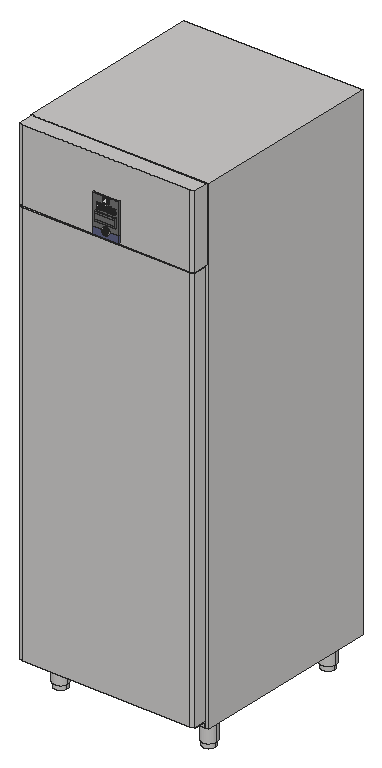
Revit family "QF_ELECTROLUXPROFESSIONAL_725234_REX71FF60MH", category Specialty Equipment, Revit 2018
Family settings
  Round Connector Dimension = Use Diameter
  Part Type = Normal
  Work Plane-Based = No
  Always vertical = Yes
  Cut with Voids When Loaded = No
  Shared = No
  Room Calculation Point = No
Parameters (values of type "Standard")
  Weight = 106.00 kg
  Watts = 0 W
  Volts = 220 V
  URL Manufacturer = "http://professional.electrolux.com"
  URL = "http://professional.electrolux.com"
  Steam Supply Size = 0 mm
  Steam Supply Minimum Pressure = 0.0 Pa
  Steam Supply Maximum Pressure = 0.0 Pa
  Steam Pounds per Hour = 0
  Refrigeration Suction Line Size = 0 mm
  Refrigeration Liquid Line Size = 0 mm
  Refrigerant Compressor Remote = yes
  Manufacturer = "Electrolux Professional"
  Phase = 1
  Model = "REX71FF60MH"
  Length Actual = 710 mm  # constant formula
  Item Number = "725234"
  Hot Water Size = 0 mm
  Height Actual = 2050 mm  # constant formula
  HP = "0.8 HP"
  Gas Size = 0 mm
  Gas KW = 0
  Gas Input Pressure = 0 W
  Direct Waste Size = 0 mm
  Description = "1-DOOR FREEZER 670L -22/-15°C DIG. A304 - R290 - MARINE 60HZ"
  Depth Actual = 835 mm  # constant formula
  Cycle = 60 Hz
  Condensate Return Size = 0 mm
  Compressed Air Volume = 0.0 L/s
  Compressed Air Size = 0 mm
  Compressed Air Pressure = 0.0 Pa
  Cold Water Size = 0 mm
  Accessory = yes
Reference planes
  plane 1 "Center (Front/Back)": y = 0
  plane 2: z = 0
  plane 3 "Center (Left/Right)": x = 0
  plane 4 "BASE": z = 110
  plane 5 "TOP": z = 2050
  plane 6 "FRONT": y = -417.5
  plane 7 "BACK": y = 417.5
  plane 8 "LEFT": x = -355
  plane 9 "RIGHT": x = 355
Forms (mm)
  Extrusion 1, solid, material "QF_Finishes_Stainless Steel"
    sketch origin (0, 0, 0) x (1, 0, 0) y (0, 1, 0)
      loop
        circle (-278, 344.5) r 25
      loop
        circle (278, 344.5) r 25
      loop
        circle (-295, -269.5) r 25
      loop
        circle (295, -269.5) r 25
    from 0 to 20
  Extrusion 2, solid, material "QF_Finishes_Stainless Steel"
    sketch origin (0, 0, 0) x (1, 0, 0) y (0, 1, 0)
      loop
        circle (-278, 344.5) r 30
      loop
        circle (278, 344.5) r 30
      loop
        circle (295, -269.5) r 30
      loop
        circle (-295, -269.5) r 30
    from 20 to 110
  Extrusion 3, solid, material "QF_Finishes_Stainless Steel"
    sketch origin (0, 0, 110) x (-1, 0, 0) y (0, -1, 0)
      loop
        line (355, -417.5) -> (355, 345.5) -> (-355, 345.5) -> (-355, -417.5) -> (355, -417.5)
    from 0 to 1940
  Extrusion 4, solid
    sketch origin (0, 417.5, 1660) x (-1, 0, 0) y (0, 0, 1)
      loop
        circle (339, 124) r 10
    from 0 to 3.2
  Extrusion 5, solid, material "QF_Door-Drawer Clearances", detail levels coarse
    sketch origin (0, 0, 110) x (-1, 0, 0) y (0, -1, 0)
      loop
        line (-345, 409.5) -> (-283, 409.5) -> (-283, 1006.5) -> (-301, 1006.5) -> (-301, 1024.5) -> (-323, 1024.5) -> (-323, 1062.5) -> (-345, 1062.5) -> (-345, 409.5)
    from 1642.965 to 28
  Extrusion 6, solid, material "QF_Door-Drawer Clearances", detail levels coarse
    sketch origin (0, 0, 110) x (-1, 0, 0) y (0, -1, 0)
      loop
        line (-283, 409.5) -> (347, 409.5)
        arc (347, 409.5) -> (150.684, 878.295) -> (-323, 1062.5) r 650
        line (-323, 1062.5) -> (-323, 1024.5) -> (-301, 1024.5) -> (-301, 1006.5) -> (-283, 1006.5) -> (-283, 409.5)
    from 1642.965 to 28
  Extrusion 7, solid, material "QF_Clearances", detail levels coarse
    sketch origin (0, 0, 110) x (-1, 0, 0) y (0, -1, 0)
      loop
        line (355, 417.5) -> (355, -417.5) -> (-355, -417.5) -> (-355, 417.5) -> (-385, 417.5) -> (-385, -447.5) -> (385, -447.5) -> (385, 417.5) -> (355, 417.5)
    from -110 to 1940
  Extrusion 8, solid, material "QF_Clearances", detail levels coarse
    sketch origin (0, 0, 2050) x (-1, 0, 0) y (0, -1, 0)
      loop
        line (385, -447.5) -> (385, 417.5) -> (-385, 417.5) -> (-385, -447.5) -> (385, -447.5)
    from 0 to 500
  Extrusion 9, void
    sketch origin (0, 417.5, 0) x (-1, 0, 0) y (0, 0, 1)
      loop
        line (280, 1724.965) -> (-280, 1724.965) -> (-280, 180) -> (0, 170) -> (280, 179.676) -> (280, 1724.965)
    from -56 to -763
Cuts and joins
  joined: Extrusion 7, Extrusion 8
  Extrusion 9 cuts Extrusion 3
Lines and regions (mm)
  symbolic lines, style "SpecialityEquipmentHiddenLines"
    curve 1: line (345, -409.5, 110) -> (345, -1062.5, 110)
    curve 2: line (345, -1062.5, 110) -> (323, -1062.5, 110)
    curve 3: line (283, -409.5, 110) -> (283, -1006.5, 110)
    curve 4: line (323, -1062.5, 110) -> (323, -1024.5, 110)
    curve 5: line (323, -1024.5, 110) -> (301, -1024.5, 110)
    curve 6: line (301, -1024.5, 110) -> (301, -1006.5, 110)
    curve 7: line (301, -1006.5, 110) -> (283, -1006.5, 110)
    curve 8: arc (-347, -409.5, 110) -> (-150.684, -878.295, 110) -> (323, -1062.5, 110) r 650
  symbolic lines, style "QF_Clearances", detail levels coarse
    curve 9: line (-355, -417.5, 2050) -> (-385, -417.5, 2050)
    curve 10: line (-385, -417.5, 2050) -> (-385, 447.5, 2050)
    curve 11: line (-385, 447.5, 2050) -> (385, 447.5, 2050)
    curve 12: line (385, 447.5, 2050) -> (385, -417.5, 2050)
    curve 13: line (385, -417.5, 2050) -> (355, -417.5, 2050)
  symbolic lines
    curve 14: line (355, 417.5, 2050) -> (-355, 417.5, 2050)
    curve 15: line (355, -345.5, 2050) -> (355, 417.5, 2050)
    curve 16: line (-355, -345.5, 2050) -> (355, -345.5, 2050)
    curve 17: line (-355, 417.5, 2050) -> (-355, -345.5, 2050)
Dimensions and locks
  equal spacing: plane 7 "BACK", plane 1 "Center (Front/Back)", plane 6 "FRONT"
  equal spacing: plane 8 "LEFT", plane 3 "Center (Left/Right)", plane 9 "RIGHT"
  plane 8 "LEFT" to plane 9 "RIGHT" = 710 mm
  plane 7 "BACK" to plane 6 "FRONT" = 835 mm
  plane 5 "TOP" to plane 2 = 2050 mm
  aligned and locked: level to plane 2
Automatic sketch dimensions
  Extrusion 3 sketch curve to plane 7 "BACK" = 0 mm
  Extrusion 3 sketch curve to plane 9 "RIGHT" = 0 mm
  Extrusion 3 sketch curve to plane 8 "LEFT" = 0 mm
  plane 8 "LEFT" to Extrusion 4 sketch curve = 16 mm
  plane 4 "BASE" to Extrusion 4 sketch curve = 1674 mm
  plane 9 "RIGHT" to curve 1 = 10 mm
  curve 1 to curve 2 = 22 mm
  plane 6 "FRONT" to curve 8 = 4.692 mm
  curve 7 to plane 6 "FRONT" = 589 mm
  curve 6 to curve 5 = 18 mm
  curve 4 to curve 2 = 38 mm
  plane 6 "FRONT" to curve 8 = 8 mm
  plane 6 "FRONT" to curve 1 = 8 mm
  plane 6 "FRONT" to curve 3 = 8 mm
  plane 9 "RIGHT" to Extrusion 5 sketch curve = 10 mm
  Extrusion 5 sketch curve to plane 6 "FRONT" = 589 mm
  Extrusion 5 sketch curve to Extrusion 5 sketch curve = 18 mm
  Extrusion 5 sketch curve to Extrusion 5 sketch curve = 38 mm
  plane 6 "FRONT" to Extrusion 5 sketch curve = 8 mm
  plane 6 "FRONT" to Extrusion 6 sketch curve = 4.692 mm
  Extrusion 6 sketch curve to Extrusion 6 sketch curve = 18 mm  (x2)
  Extrusion 6 sketch curve to Extrusion 6 sketch curve = 38 mm
  plane 8 "LEFT" to Extrusion 6 sketch curve = 8 mm
  plane 6 "FRONT" to Extrusion 6 sketch curve = 8 mm
  Extrusion 7 sketch curve to plane 6 "FRONT" = 0 mm  (x2)
  Extrusion 7 sketch curve to plane 7 "BACK" = 0 mm
  Extrusion 7 sketch curve to plane 9 "RIGHT" = 0 mm
  Extrusion 7 sketch curve to plane 8 "LEFT" = 0 mm
  Extrusion 7 sketch curve to plane 9 "RIGHT" = 30 mm
  Extrusion 7 sketch curve to plane 8 "LEFT" = 30 mm
  plane 7 "BACK" to Extrusion 7 sketch curve = 30 mm
  Extrusion 8 sketch curve to plane 6 "FRONT" = 0 mm
  Extrusion 8 sketch curve to plane 9 "RIGHT" = 30 mm
  Extrusion 8 sketch curve to plane 8 "LEFT" = 30 mm
  plane 7 "BACK" to Extrusion 8 sketch curve = 30 mm
  plane 8 "LEFT" to Extrusion 1 sketch curve = 60 mm
  plane 8 "LEFT" to Extrusion 1 sketch curve = 77 mm
  plane 9 "RIGHT" to Extrusion 1 sketch curve = 77 mm
  plane 9 "RIGHT" to Extrusion 1 sketch curve = 60 mm
  plane 6 "FRONT" to Extrusion 1 sketch curve = 148 mm  (x2)
  Extrusion 1 sketch curve to plane 7 "BACK" = 73 mm  (x2)
  plane 8 "LEFT" to Extrusion 2 sketch curve = 60 mm
  plane 8 "LEFT" to Extrusion 2 sketch curve = 77 mm
  plane 9 "RIGHT" to Extrusion 2 sketch curve = 77 mm
  plane 9 "RIGHT" to Extrusion 2 sketch curve = 60 mm
  plane 6 "FRONT" to Extrusion 2 sketch curve = 148 mm  (x2)
  Extrusion 2 sketch curve to plane 7 "BACK" = 73 mm  (x2)
  plane 6 "FRONT" to Extrusion 3 sketch curve = 72 mm
  curve 1 to curve 8 = 42.008 mm
  curve 4 to curve 5 = 22 mm
  curve 6 to curve 3 = 18 mm
  plane 9 "RIGHT" to Extrusion 5 sketch curve = 32 mm
  Extrusion 5 sketch curve to Extrusion 5 sketch curve = 22 mm
  Extrusion 5 sketch curve to Extrusion 5 sketch curve = 62 mm
  plane 9 "RIGHT" to Extrusion 6 sketch curve = 72 mm
  Extrusion 6 sketch curve to Extrusion 6 sketch curve = 19.992 mm
  Extrusion 6 sketch curve to Extrusion 6 sketch curve = 22 mm
  Extrusion 9 sketch curve to plane 3 "Center (Left/Right)" = 0 mm
  plane 8 "LEFT" to Extrusion 9 sketch curve = 75 mm
  plane 4 "BASE" to Extrusion 9 sketch curve = 60 mm
  plane 4 "BASE" to Extrusion 9 sketch curve = 69.676 mm
  Extrusion 9 sketch curve to plane 5 "TOP" = 325.035 mm
  plane 9 "RIGHT" to Extrusion 9 sketch curve = 75 mm
  Extrusion 9 sketch curve to Extrusion 9 sketch curve = 0.324 mm
  curve 12 to plane 6 "FRONT" = 0 mm
  curve 15 to plane 7 "BACK" = 0 mm
  curve 15 to plane 9 "RIGHT" = 0 mm
  curve 13 to plane 9 "RIGHT" = 0 mm
  curve 17 to plane 8 "LEFT" = 0 mm
  curve 9 to plane 6 "FRONT" = 0 mm
  curve 9 to plane 8 "LEFT" = 0 mm
  curve 12 to plane 9 "RIGHT" = 30 mm
  curve 9 to curve 10 = 30 mm
  plane 7 "BACK" to curve 12 = 30 mm
  plane 6 "FRONT" to curve 15 = 72 mm
  radius of Extrusion 1 sketch curve = 25 mm  (x4)
  radius of Extrusion 2 sketch curve = 30 mm  (x4)
  radius of Extrusion 4 sketch curve = 10 mm
Nested families
  nested 1: "QF_725234_Door" at (0, -345.5, 968.365) x (1, 0, 0) z (0, -1, 0), type "QF_725234_Door"
    with Show Clearance yes
  nested 2: "Freezer" at (355, -417.5, 2050), type "Freezer"
Connectors
  electrical at (-339, 420.7, 1784), driven by "Volts"
    settings: on Extrusion 4, index 2, voltage 220 V, apparent load 0 VA, apparent load phase1 0 VA, apparent load phase2 0 VA, apparent load phase3 0 VA, power factor 1, load classification "Other", number of poles 1, system type 30, power factor state 1, is connector primary yes, connector utility no, sub classification motor no, connector description "Electrical Connection"
Definition of nested family "QF_725234_Door"
  Parameters
    Show Clearance [instance] = yes
    Model = "725226"
    Default Elevation = 0 mm
  Reference planes
    plane 1 "Center (Front/Back)": y = 0
    plane 2: z = 0
    plane 3 "Center (Left/Right)": x = 0
  Forms (mm)
    Extrusion 1, solid
      sketch origin (0, -919.2, 0) x (1, 0, 0) y (0, 1, 0)
        loop
          line (-460, 2119.2) -> (-460, -162.846) -> (488.967, -162.846) -> (488.967, 2119.2) -> (-460, 2119.2)
      from 0 to -59.546
    Extrusion 2, solid
      sketch origin (0, 0, 0) x (1, 0, 0) y (0, 0, 1)
        loop
          line (-347, 60) -> (-347, 0) -> (347, 0) -> (347, 60) -> (332, 64) -> (-332, 64) -> (-347, 60)
      from -1081.6 to -791.6
    Extrusion 3, solid
      sketch origin (0, 0, 0) x (1, 0, 0) y (0, 0, 1)
        loop
          line (-347, 60) -> (-347, 26) -> (-325, 26) -> (-325, 8) -> (-307, 8) -> (-307, 0) -> (339, 0) -> (339, 8) -> (347, 8) -> (347, 60) -> (332, 64) -> (-332, 64) -> (-347, 60)
      from -784.6 to 830.4
    Extrusion 4, solid
      sketch origin (119, -516.365, 0) x (0, 1, 0) y (0, 0, 1)
        loop
          line (-323.003, 40.312) -> (-316.501, 40.312) -> (-316.501, 42.812) -> (-325.503, 42.812) -> (-325.503, 2.5) -> (-342, 2.5) -> (-342, 0) -> (-323.003, 0) -> (-323.003, 12.259) -> (-323.003, 40.312)
        loop
          line (-314, 38.311) -> (-316.501, 38.311) -> (-316.501, 14.304) -> (-319.752, 14.304) -> (-319.752, 11.804) -> (-314, 11.804) -> (-314, 38.311)
      from 185 to 220
    Extrusion 5, solid
      sketch origin (119, 469.597, 0) x (0, 1, 0) y (0, 0, 1)
        loop
          line (315.003, 27.948) -> (315.003, 2.948) -> (315.003, 0) -> (322.003, 0) -> (322.003, 2.5) -> (317.503, 2.5) -> (317.503, 27.948) -> (315.003, 27.948)
      from 185 to 220
  Lines and regions (mm)
    symbolic lines
      curve 1: line (-332, 0, 64) -> (332, 0, 64)
      curve 2: line (-347, 0, 0) -> (-347, 0, 60)
      curve 3: line (347, 0, 0) -> (-347, 0, 0)
      curve 4: line (347, 0, 60) -> (347, 0, 0)
      curve 5: line (-347, 0, 26) -> (-325, 0, 26)
      curve 6: line (-325, 0, 26) -> (-325, 0, 8)
      curve 7: line (-325, 0, 8) -> (-307, 0, 8)
      curve 8: line (-307, 0, 8) -> (-307, 0, 0)
      curve 9: line (339, 0, 8) -> (347, 0, 8)
      curve 10: line (339, 0, 8) -> (339, 0, 0)
      curve 11: line (-332, 0, 64) -> (-347, 0, 60)
      curve 12: line (332, 0, 64) -> (347, 0, 60)
  Dimensions and locks
    aligned and locked: plane 2 to Extrusion 1
    aligned and locked: level to Extrusion 1
  Nested families
    nested 1: "QF_DisplayStandardCabinets" at (0, 863.6, 64), type "QF_DisplayStandardCabinets"
      with Show Clearance yes
  Definition of nested family "QF_DisplayStandardCabinets"
    Parameters
      Show Clearance [instance] = yes
      Model = "728658"
      Default Elevation = 1219.2 mm
    Reference planes
      plane 1 "Center (Front/Back)": y = 0
      plane 2: z = 0
      plane 3 "Center (Left/Right)": x = 0
    Forms (mm)
      Extrusion 1, solid
        sketch origin (0, -919.2, 0) x (1, 0, 0) y (0, 1, 0)
          loop
            line (-198.75, 1146.2) -> (-198.75, 709.567) -> (165.741, 709.567) -> (165.741, 1146.2) -> (-198.75, 1146.2)
        from 0 to -59.546
      Extrusion 2, solid
        sketch origin (-59, -44.611, 0) x (0, 1, 0) y (-1, 0, 0)
          loop
            circle (0.611, -59) r 14
        from 4 to 7
      Extrusion 3, solid
        sketch origin (744.635, 320.889, 0) x (0, 1, 0) y (-1, 0, 0)
          loop
            circle (-364.889, 744.635) r 10
          loop
            circle (-364.889, 744.635) r 9
        from 4 to 8
      Extrusion 4, solid
        sketch origin (744.635, 320.889, 0) x (0, 1, 0) y (-1, 0, 0)
          loop
            circle (-364.889, 744.635) r 8.7
        from 4 to 8
      Extrusion 5, void
        sketch origin (744.635, 320.889, 0) x (0, 1, 0) y (-1, 0, 0)
          loop
            line (-372.339, 745.885) -> (-372.339, 743.385) -> (-362.339, 743.385) -> (-362.339, 745.885) -> (-372.339, 745.885)
        from 8.592 to 6.269
      Extrusion 6, solid
        sketch origin (744.635, 320.889, 0) x (0, 1, 0) y (-1, 0, 0)
          loop
            line (-372.339, 745.885) -> (-372.339, 743.385) -> (-362.339, 743.385) -> (-362.339, 745.885) -> (-372.339, 745.885)
        from 6 to 8
      Extrusion 7, solid
        sketch origin (0, 0, 0) x (1, 0, 0) y (0, 1, 0)
          loop
            line (-51.473, 80) -> (-51.473, -44) -> (-14, -44)
            arc (-14, -44) -> (0, -30) -> (14, -44) r 14
            line (14, -44) -> (50.954, -44) -> (50.954, 80) -> (-51.473, 80)
        from 0 to 4
      Extrusion 8, solid
        sketch origin (0, -30, 0) x (0, 1, 0) y (0, 0, 1)
          loop
            line (10.404, 4) -> (17.404, 4) -> (17.404, 8)
            arc (17.404, 8) -> (13.868, 7.749) -> (10.404, 7) r 25
            line (10.404, 7) -> (10.404, 4)
          loop
            arc (47.404, 7) -> (43.939, 7.749) -> (40.404, 8) r 25
            line (40.404, 8) -> (40.404, 4) -> (47.404, 4) -> (47.404, 7)
        from 40 to -40
      Extrusion 9, solid
        sketch origin (0, -30, 0) x (1, 0, 0) y (0, 1, 0)
          loop
            line (-40, 40.404) -> (-40, 17.404) -> (40, 17.404) -> (40, 40.404) -> (-40, 40.404)
        from 8 to 4
      Extrusion 10, solid
        sketch origin (46.005, 87.683, 0) x (1, 0, 0) y (0, 1, 0)
          loop
            line (-43.063, -13.359) -> (-43.063, -33.154)
            arc (-43.063, -33.154) -> (-35.746, -23.257) -> (-43.063, -13.359) r 10.352
          loop
            arc (-44.07, -13.359) -> (-52.302, -15.23) -> (-56.268, -22.683) r 10.145
            line (-56.268, -22.683) -> (-52.994, -22.683)
            arc (-52.994, -22.683) -> (-47.143, -20.308) -> (-44.07, -14.793) r 9.509
            line (-44.07, -14.793) -> (-44.07, -13.359)
          loop
            arc (-44.07, -31.721) -> (-47.143, -26.205) -> (-52.994, -23.831) r 9.509
            line (-52.994, -23.831) -> (-56.268, -23.831)
            arc (-56.268, -23.831) -> (-52.309, -31.345) -> (-44.07, -33.408) r 10.411
            line (-44.07, -33.408) -> (-44.07, -31.721)
          loop
            line (-57.02, -12.279) -> (-57.02, -34.279) -> (-34.99, -34.279) -> (-34.99, -12.279) -> (-57.02, -12.279)
        from 4 to 5.6
      Extrusion 11, solid
        sketch origin (-12.866, 61.032, 0) x (1, 0, 0) y (0, 1, 0)
          loop
            line (-15.272, -12.492) -> (-22.708, -12.492) -> (-22.708, -21.151)
            arc (-22.708, -21.151) -> (-21.729, -23.514) -> (-19.367, -24.492) r 3.341
            line (-19.367, -24.492) -> (-15.128, -24.492) -> (-15.128, -22.55) -> (-18.883, -22.55)
            arc (-18.883, -22.55) -> (-20.117, -22.133) -> (-20.642, -20.941) r 1.615
            line (-20.642, -20.941) -> (-20.642, -19.224) -> (-15.593, -19.224) -> (-15.593, -17.274) -> (-20.642, -17.274) -> (-20.642, -14.436) -> (-15.272, -14.436) -> (-15.272, -12.492)
          loop
            line (-13.66, -12.492) -> (-13.66, -24.492) -> (-11.593, -24.492) -> (-11.593, -12.492) -> (-13.66, -12.492)
          loop
            line (31.232, -12.492) -> (31.232, -24.492) -> (33.3, -24.492) -> (33.3, -12.492) -> (31.232, -12.492)
          loop
            line (-8.175, -20.66) -> (-1.392, -20.66)
            arc (-1.392, -20.66) -> (-2.453, -16.934) -> (-6.081, -15.575) r 4.298
            arc (-6.081, -15.575) -> (-9.277, -17.196) -> (-10.188, -20.66) r 4.373
            arc (-10.188, -20.66) -> (-8.988, -23.558) -> (-6.091, -24.758) r 4.097
            arc (-6.091, -24.758) -> (-3.837, -24.425) -> (-1.946, -23.152) r 5.15
            line (-1.946, -23.152) -> (-3.171, -21.928)
            arc (-3.171, -21.928) -> (-4.778, -22.892) -> (-6.645, -22.73) r 3.039
            arc (-6.645, -22.73) -> (-7.784, -21.972) -> (-8.175, -20.66) r 2.013
          loop
            line (-8.123, -19.207) -> (-3.469, -19.207)
            arc (-3.469, -19.207) -> (-4.122, -17.833) -> (-5.557, -17.326) r 1.983
            arc (-5.557, -17.326) -> (-7.213, -17.758) -> (-8.123, -19.207) r 2.321
          loop
            line (6.665, -18.342) -> (7.963, -17.044)
            arc (7.963, -17.044) -> (6.336, -15.866) -> (4.358, -15.514) r 4.497
            arc (4.358, -15.514) -> (1.341, -16.616) -> (-0.242, -19.411) r 4.652
            arc (-0.242, -19.411) -> (2.426, -24.31) -> (7.89, -23.18) r 4.684
            line (7.89, -23.18) -> (6.599, -21.89)
            arc (6.599, -21.89) -> (3.813, -22.811) -> (1.817, -20.66) r 2.714
            arc (1.817, -20.66) -> (1.956, -18.959) -> (3.127, -17.718) r 2.578
            arc (3.127, -17.718) -> (5.002, -17.432) -> (6.665, -18.342) r 2.961
          loop
            line (9.233, -12.492) -> (9.233, -20.693)
            arc (9.233, -20.693) -> (9.411, -21.923) -> (9.872, -23.078) r 5.301
            arc (9.872, -23.078) -> (11.347, -24.251) -> (13.216, -24.498) r 3.531
            line (13.216, -24.498) -> (13.216, -22.561)
            arc (13.216, -22.561) -> (12.66, -22.519) -> (12.142, -22.313) r 1.862
            arc (12.142, -22.313) -> (11.478, -21.611) -> (11.3, -20.66) r 1.713
            line (11.3, -20.66) -> (11.3, -17.691) -> (13.177, -17.691) -> (13.177, -15.813) -> (11.3, -15.813) -> (11.3, -12.492) -> (9.233, -12.492)
          loop
            arc (16.966, -19.93) -> (17.114, -19.065) -> (17.54, -18.298) r 2.607
            arc (17.54, -18.298) -> (18.779, -17.662) -> (20.17, -17.691) r 2.84
            line (20.17, -17.691) -> (20.17, -15.704)
            arc (20.17, -15.704) -> (18.352, -15.876) -> (16.966, -17.064) r 3.016
            line (16.966, -17.064) -> (16.966, -15.813) -> (14.916, -15.813) -> (14.916, -24.492) -> (16.966, -24.492) -> (16.966, -19.93)
          loop
            circle (25.224, -20.154) r 4.599
          loop
            circle (25.224, -20.154) r 2.787
          loop
            arc (40.755, -20.878) -> (40.245, -22.281) -> (38.861, -22.84) r 1.835
            arc (38.861, -22.84) -> (37.476, -22.281) -> (36.966, -20.878) r 1.835
            line (36.966, -20.878) -> (36.966, -15.813) -> (34.881, -15.813) -> (34.881, -21.05)
            arc (34.881, -21.05) -> (36.067, -23.754) -> (38.861, -24.712) r 3.675
            arc (38.861, -24.712) -> (41.685, -23.725) -> (42.839, -20.965) r 3.675
            line (42.839, -20.965) -> (42.839, -15.813) -> (40.755, -15.813) -> (40.755, -20.878)
          loop
            line (44.088, -15.813) -> (47.09, -19.889) -> (43.792, -24.495) -> (46.014, -24.495) -> (48.203, -21.438) -> (50.424, -24.495) -> (52.632, -24.495) -> (49.381, -19.842) -> (52.354, -15.813) -> (50.097, -15.813) -> (48.196, -18.39) -> (46.324, -15.813) -> (44.088, -15.813)
          loop
            line (-21.545, -29.467) -> (-23.194, -29.467) -> (-23.194, -33.617) -> (-22.292, -33.617) -> (-22.292, -32.188) -> (-21.295, -32.188)
            arc (-21.295, -32.188) -> (-20.179, -30.713) -> (-21.545, -29.467) r 1.372
          loop
            arc (-21.334, -31.373) -> (-20.993, -30.839) -> (-21.334, -30.306) r 0.587
            line (-21.334, -30.306) -> (-22.292, -30.306) -> (-22.292, -31.373) -> (-21.334, -31.373)
          loop
            line (-15.033, -29.467) -> (-16.71, -29.467) -> (-16.71, -33.617) -> (-15.808, -33.617) -> (-15.808, -32.188) -> (-14.935, -32.188) -> (-14.339, -33.617) -> (-13.37, -33.617) -> (-14.186, -31.867)
            arc (-14.186, -31.867) -> (-13.795, -31.4) -> (-13.664, -30.805) r 1.281
            arc (-13.664, -30.805) -> (-14.076, -29.857) -> (-15.033, -29.467) r 1.37
          loop
            line (-15.808, -30.306) -> (-15.808, -31.373) -> (-14.85, -31.373)
            arc (-14.85, -31.373) -> (-14.509, -30.839) -> (-14.85, -30.306) r 0.587
            line (-14.85, -30.306) -> (-15.808, -30.306)
          loop
            circle (-8.072, -31.542) r 2.156
          loop
            circle (-8.072, -31.542) r 1.368
          loop
            line (-2.373, -29.467) -> (-2.373, -33.617) -> (-1.493, -33.617) -> (-1.493, -32.167) -> (0.069, -32.167) -> (0.069, -31.237) -> (-1.493, -31.237) -> (-1.493, -30.361) -> (0.219, -30.361) -> (0.219, -29.467) -> (-2.373, -29.467)
          loop
            line (3.719, -29.467) -> (3.719, -32.269)
            arc (3.719, -32.269) -> (4.101, -33.219) -> (5.046, -33.614) r 1.327
            line (5.046, -33.614) -> (6.385, -33.614) -> (6.385, -32.83) -> (5.126, -32.83)
            arc (5.126, -32.83) -> (4.662, -32.447) -> (4.571, -31.852) r 0.845
            line (4.571, -31.852) -> (6.23, -31.852) -> (6.23, -31.068) -> (4.571, -31.068) -> (4.571, -30.251) -> (6.345, -30.251) -> (6.345, -29.467) -> (3.719, -29.467)
          loop
            arc (18.747, -29.993) -> (18.197, -29.542) -> (17.501, -29.398) r 1.485
            arc (17.501, -29.398) -> (16.858, -29.556) -> (16.329, -29.955) r 1.645
            arc (16.329, -29.955) -> (16.232, -30.897) -> (16.84, -31.624) r 1.217
            arc (16.84, -31.624) -> (17.351, -31.794) -> (17.836, -32.029) r 4.201
            arc (17.836, -32.029) -> (18.142, -32.39) -> (17.931, -32.814) r 0.43
            arc (17.931, -32.814) -> (17.539, -32.906) -> (17.149, -32.807) r 0.846
            arc (17.149, -32.807) -> (16.811, -32.564) -> (16.605, -32.203) r 0.983
            line (16.605, -32.203) -> (15.879, -32.542)
            arc (15.879, -32.542) -> (16.14, -33.046) -> (16.562, -33.427) r 1.595
            arc (16.562, -33.427) -> (17.04, -33.631) -> (17.557, -33.683) r 1.719
            arc (17.557, -33.683) -> (18.196, -33.556) -> (18.772, -33.25) r 2.246
            arc (18.772, -33.25) -> (19.027, -32.573) -> (18.896, -31.863) r 1.349
            arc (18.896, -31.863) -> (18.612, -31.535) -> (18.249, -31.298) r 1.564
            arc (18.249, -31.298) -> (17.79, -31.093) -> (17.32, -30.917) r 8.236
            arc (17.32, -30.917) -> (17.048, -30.494) -> (17.441, -30.181) r 0.375
            arc (17.441, -30.181) -> (17.911, -30.294) -> (18.273, -30.616) r 0.998
            line (18.273, -30.616) -> (18.747, -29.993)
          loop
            line (22.554, -29.467) -> (22.554, -33.614) -> (23.407, -33.614) -> (23.407, -29.467) -> (22.554, -29.467)
          loop
            circle (29.157, -31.541) r 1.29
          loop
            circle (29.157, -31.541) r 2.154
          loop
            line (34.878, -33.614) -> (35.739, -33.614) -> (35.739, -31.007) -> (37.636, -33.614) -> (38.465, -33.614) -> (38.465, -29.467) -> (37.604, -29.467) -> (37.604, -32.154) -> (35.707, -29.467) -> (34.878, -29.467) -> (34.878, -33.614)
          loop
            line (42.765, -33.614) -> (43.169, -32.72) -> (44.703, -32.72) -> (45.106, -33.614) -> (46.023, -33.614) -> (44.271, -29.467) -> (43.471, -29.467) -> (41.849, -33.614) -> (42.765, -33.614)
          loop
            line (44.32, -31.869) -> (43.909, -30.958) -> (43.51, -31.869) -> (44.32, -31.869)
          loop
            line (50.258, -32.83) -> (50.258, -29.467) -> (49.406, -29.467) -> (49.406, -33.614) -> (51.853, -33.614) -> (51.853, -32.83) -> (50.258, -32.83)
          loop
            arc (12.529, -29.993) -> (11.98, -29.542) -> (11.284, -29.398) r 1.485
            arc (11.284, -29.398) -> (10.641, -29.556) -> (10.112, -29.955) r 1.645
            arc (10.112, -29.955) -> (10.014, -30.897) -> (10.622, -31.624) r 1.217
            arc (10.622, -31.624) -> (11.133, -31.794) -> (11.618, -32.029) r 4.201
            arc (11.618, -32.029) -> (11.925, -32.39) -> (11.714, -32.814) r 0.43
            arc (11.714, -32.814) -> (11.322, -32.906) -> (10.931, -32.807) r 0.846
            arc (10.931, -32.807) -> (10.594, -32.564) -> (10.387, -32.203) r 0.983
            line (10.387, -32.203) -> (9.662, -32.542)
            arc (9.662, -32.542) -> (9.923, -33.046) -> (10.345, -33.427) r 1.595
            arc (10.345, -33.427) -> (10.823, -33.631) -> (11.34, -33.683) r 1.719
            arc (11.34, -33.683) -> (11.979, -33.556) -> (12.555, -33.25) r 2.246
            arc (12.555, -33.25) -> (12.809, -32.573) -> (12.678, -31.863) r 1.349
            arc (12.678, -31.863) -> (12.394, -31.535) -> (12.031, -31.298) r 1.564
            arc (12.031, -31.298) -> (11.573, -31.093) -> (11.102, -30.917) r 8.236
            arc (11.102, -30.917) -> (10.83, -30.494) -> (11.223, -30.181) r 0.375
            arc (11.223, -30.181) -> (11.694, -30.294) -> (12.056, -30.616) r 0.998
            line (12.056, -30.616) -> (12.529, -29.993)
        from 4 to 5.6
      Extrusion 12, solid
        sketch origin (0, 0, 0) x (1, 0, 0) y (0, 1, 0)
          loop
            line (-51.473, -44) -> (-51.473, -70) -> (50.954, -70) -> (50.954, -44) -> (14, -44)
            arc (14, -44) -> (0, -58) -> (-14, -44) r 14
            line (-14, -44) -> (-51.473, -44)
        from 0 to 4
    Cuts and joins
      Extrusion 5 cuts Extrusion 4
      joined: Extrusion 8, Extrusion 9
    Lines and regions (mm)
      Split face 1
        outline origin (-41, 10.404, 8) x (-1, 0, 0) y (0, -1, 0)
          loop
            line (-72.157, 0.05) -> (-72.157, 10.5) -> (-78.157, 10.5) -> (-78.157, 0.05) -> (-72.157, 0.05)
      Split face 2
        outline origin (-50, 10.404, 8) x (-1, 0, 0) y (0, -1, 0)
          loop
            line (-72.157, 0.05) -> (-72.157, 10.5) -> (-78.157, 10.5) -> (-78.157, 0.05) -> (-72.157, 0.05)
      Split face 3
        outline origin (-50, 10.404, 8) x (-1, 0, 0) y (0, -1, 0)
          loop
            line (-72.157, 12.45) -> (-72.157, 22.9) -> (-78.157, 22.9) -> (-78.157, 12.45) -> (-72.157, 12.45)
      Split face 4
        outline origin (-50, 10.404, 8) x (-1, 0, 0) y (0, -1, 0)
          loop
            line (-81.157, 12.45) -> (-81.157, 22.9) -> (-87.157, 22.9) -> (-87.157, 12.45) -> (-81.157, 12.45)
      Split face 5
        outline origin (-50, 10.404, 8) x (-1, 0, 0) y (0, -1, 0)
          loop
            line (-13, 0.1) -> (-13, 22.9) -> (-69, 22.9) -> (-69, 0.1) -> (-13, 0.1)
      symbolic lines
        curve 1: line (52.518, 0, 4) -> (-53.037, 0, 4)
        curve 2: line (40, 0, 4) -> (40, 0, 8)
        curve 3: line (40, 0, 8) -> (-40, 0, 8)
        curve 4: line (-40, 0, 8) -> (-40, 0, 4)
        curve 5: line (-64.765, 0, 0) -> (-53.037, 0, 4)
        curve 6: line (52.518, 0, 4) -> (64.135, 0, 0)
    Dimensions and locks
      aligned and locked: plane 2 to Extrusion 1
      aligned and locked: level to Extrusion 1
Definition of nested family "Freezer"
  Reference planes
    plane 1 "Center (Front/Back)": y = 0
    plane 2: z = 0
    plane 3 "Center (Left/Right)": x = 0
  Lines and regions (mm)
    detail lines, in view "Ref. Level"
      curve 1: spline (-500, 190, 0) -> (-493.185, 166.706, 0) -> (-473.205, 145, 0) -> (-441.421, 126.36, 0) -> (-400, 112.058, 0) -> (-351.764, 103.067, 0) -> (-300, 100, 0) -> (-248.236, 103.067, 0) -> (-200, 112.058, 0) -> (-158.579, 126.36, 0) -> (-126.795, 145, 0) -> (-106.815, 166.706, 0) -> (-100, 190, 0) -> (-106.815, 213.294, 0) -> (-126.795, 235, 0) -> (-158.579, 253.64, 0) -> (-200, 267.942, 0) -> (-248.236, 276.933, 0) -> (-300, 280, 0) -> (-351.764, 276.933, 0) -> (-400, 267.942, 0) -> (-441.421, 253.64, 0) -> (-473.205, 235, 0) -> (-493.185, 213.294, 0) -> (-500, 190, 0)
      curve 2: line (-220, 130, 0) -> (-220, 250, 0)
      curve 3: line (-271.962, 220, 0) -> (-168.038, 160, 0)
      curve 4: line (-271.962, 160, 0) -> (-168.038, 220, 0)
      curve 5: line (-200.884, 246.873, 0) -> (-220, 225, 0)
      curve 6: line (-220, 225, 0) -> (-239.116, 246.873, 0)
      curve 7: line (-250.311, 207.5, 0) -> (-260, 235.883, 0)
      curve 8: line (-279.736, 201.7, 0) -> (-250.311, 207.5, 0)
      curve 9: line (-250.311, 172.5, 0) -> (-279.736, 178.3, 0)
      curve 10: line (-260, 144.117, 0) -> (-250.311, 172.5, 0)
      curve 11: line (-220, 155, 0) -> (-239.116, 133.127, 0)
      curve 12: line (-200.884, 133.127, 0) -> (-220, 155, 0)
      curve 13: line (-189.689, 172.5, 0) -> (-180.304, 145.008, 0)
      curve 14: line (-161.188, 178.118, 0) -> (-189.689, 172.5, 0)
      curve 15: line (-189.689, 207.5, 0) -> (-161.188, 201.882, 0)
      curve 16: line (-180.304, 234.992, 0) -> (-189.689, 207.5, 0)
      curve 17: line (-380, 130, 0) -> (-380, 250, 0)
      curve 18: line (-431.962, 220, 0) -> (-328.038, 160, 0)
      curve 19: line (-431.962, 160, 0) -> (-328.038, 220, 0)
      curve 20: line (-360.884, 246.873, 0) -> (-380, 225, 0)
      curve 21: line (-380, 225, 0) -> (-399.116, 246.873, 0)
      curve 22: line (-410.311, 207.5, 0) -> (-419.696, 234.992, 0)
      curve 23: line (-438.812, 201.882, 0) -> (-410.311, 207.5, 0)
      curve 24: line (-410.311, 172.5, 0) -> (-438.812, 178.118, 0)
      curve 25: line (-419.696, 145.008, 0) -> (-410.311, 172.5, 0)
      curve 26: line (-380, 155, 0) -> (-399.116, 133.127, 0)
      curve 27: line (-360.884, 133.127, 0) -> (-380, 155, 0)
      curve 28: line (-349.689, 172.5, 0) -> (-340, 144.117, 0)
      curve 29: line (-320.264, 178.3, 0) -> (-349.689, 172.5, 0)
      curve 30: line (-349.689, 207.5, 0) -> (-320.264, 201.7, 0)
      curve 31: line (-340, 235.883, 0) -> (-349.689, 207.5, 0)
